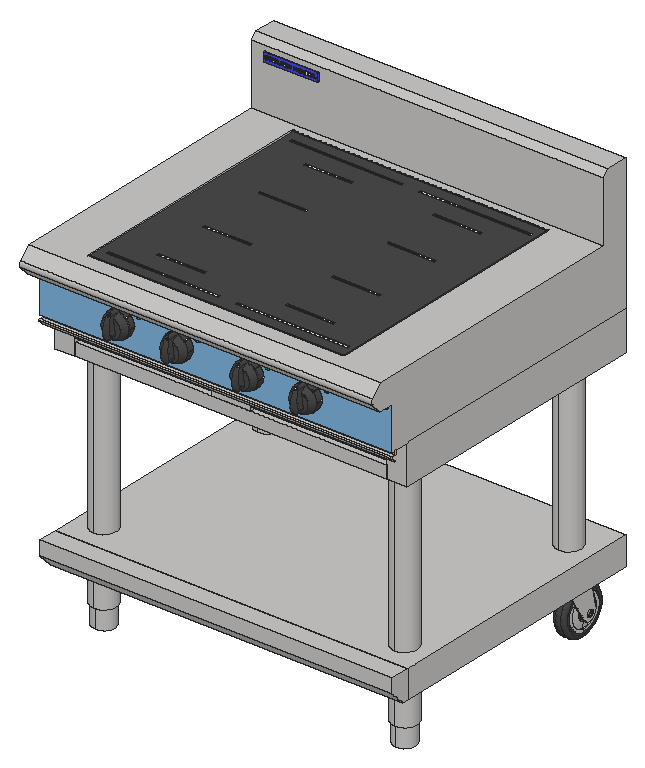
Revit family "QF_Moffat_IN514F-LS_Induction_Cooktop_cat", category Specialty Equipment, Revit 2019
Family settings
  Round Connector Dimension = Use Diameter
  Part Type = Normal
  Work Plane-Based = No
  Always vertical = Yes
  Cut with Voids When Loaded = No
  Shared = No
  Room Calculation Point = No
Parameters (values of type "IN514F-LS")
  Weight in Kilograms = 105
  Watts = 11620 W
  Volts = 415 V
  URL Cutsheet = ""
  Specification by User = ""
  Specification by Manufacturer = ""
  Show Logo [instance] = yes
  Show Legs [instance] = not(Show Castors)  # no
  Show Castors [instance] = yes
  Serial Number = ""
  Seismic Rating = ""
  SMACNA No = ""
  Revision Code = ""
  Phase = 3
  Number of Poles = 1
  NAFEM Spec ID Number = ""
  Model = "IN514F-LS"
  Min Ckt Ampacity = 0 A
  Max Overcurrent Protection = 0 A
  Masterspec = ""
  Manufacturer = "Moffat"
  Length = 900 mm
  Item Number = ""
  Installed By = ""
  Identify Quantity as Lot = yes
  Height = 1085 mm
  HP = ""
  Furnished By = ""
  Foodservice Equipment Identifier = yes
  FL Amps = 28 A
  Electrical Remarks = ""
  Electric Connection Type = ""
  Elec Conn RI Height = 0 mm
  Elec Conn Connection Height = 0 mm
  Description = "Induction Cooktop"
  Depth = 812.2 mm
  Cycle = 60 Hz
  Conn Plug = ""
  Conn Conduit = yes
  CSI MasterFormat = ""
  Apparent Power = if(Phase = 3, Volts * FL Amps * 1.73, Volts * FL Amps)  # 20102.6 VA
Reference planes
  plane 1 "BACK": y = 0
  plane 2: z = 0
  plane 3 "LEFT": x = 0
  plane 4 "RIGHT": x = 900
  plane 5 "FRONT": y = -812.2
  plane 6 "TOP": z = 1085
  plane 7 "Center Y": x = 450
  plane 8 "Center X": y = -406.1
  plane 9: x = 65.5
  plane 10: x = 834.5
  plane 11: y = -30
  plane 12: x = 770
  plane 13: z = 635
  plane 14: y = -100
  plane 15: y = -625
  plane 16: z = 150
Forms (mm)
  Extrusion 1, solid, material "QF_Metal_Stainless_Polished"
    sketch origin (0, 0, 560) x (0, 1, 0) y (0, 0, 1)
      loop
        line (0, 180) -> (0, 525) -> (-57, 525) -> (-70, 512) -> (-70, 354.5) -> (-784.171, 354.5) -> (-808.685, 329.985)
        arc (-808.685, 329.985) -> (-812.2, 321.5) -> (-808.685, 313.015) r 12
        line (-808.685, 313.015) -> (-785.171, 289.5) -> (-749, 289.5) -> (-749, 180) -> (0, 180)
    from 0 to 900
  Extrusion 2, void
    sketch origin (0, -784.171, 914.5) x (0, 1, 0) y (-1, 0, 0)
      loop
        arc (696.671, -124.5) -> (694.913, -120.257) -> (690.671, -118.5) r 6
        line (690.671, -118.5) -> (44.671, -118.5)
        arc (44.671, -118.5) -> (40.428, -120.257) -> (38.671, -124.5) r 6
        line (38.671, -124.5) -> (38.671, -770.5)
        arc (38.671, -770.5) -> (40.428, -774.743) -> (44.671, -776.5) r 6
        line (44.671, -776.5) -> (690.671, -776.5)
        arc (690.671, -776.5) -> (694.913, -774.743) -> (696.671, -770.5) r 6
        line (696.671, -770.5) -> (696.671, -124.5)
    from 0 to -9.5
  Extrusion 3, solid, material "QF_Plastic_White_Smooth"
    sketch origin (0, -784.171, 905) x (0, 1, 0) y (-1, 0, 0)
      loop
        line (657.271, -427.5) -> (663.271, -427.5) -> (663.271, -142.5) -> (657.271, -142.5) -> (657.271, -427.5)
      loop
        line (599.671, -345) -> (605.671, -345) -> (605.671, -225) -> (599.671, -225) -> (599.671, -345)
      loop
        line (453.171, -345) -> (459.171, -345) -> (459.171, -225) -> (453.171, -225) -> (453.171, -345)
      loop
        line (276.171, -345) -> (282.171, -345) -> (282.171, -225) -> (276.171, -225) -> (276.171, -345)
      loop
        line (129.671, -345) -> (135.671, -345) -> (135.671, -225) -> (129.671, -225) -> (129.671, -345)
      loop
        line (72.071, -427.5) -> (78.071, -427.5) -> (78.071, -142.5) -> (72.071, -142.5) -> (72.071, -427.5)
      loop
        line (72.071, -757.5) -> (78.071, -757.5) -> (78.071, -472.5) -> (72.071, -472.5) -> (72.071, -757.5)
      loop
        line (129.671, -675) -> (135.671, -675) -> (135.671, -555) -> (129.671, -555) -> (129.671, -675)
      loop
        line (276.171, -675) -> (282.171, -675) -> (282.171, -555) -> (276.171, -555) -> (276.171, -675)
      loop
        line (453.171, -675) -> (459.171, -675) -> (459.171, -555) -> (453.171, -555) -> (453.171, -675)
      loop
        line (599.671, -675) -> (605.671, -675) -> (605.671, -555) -> (599.671, -555) -> (599.671, -675)
      loop
        line (663.271, -472.5) -> (657.271, -472.5) -> (657.271, -757.5) -> (663.271, -757.5) -> (663.271, -472.5)
    from 0 to 9.5
  Extrusion 4, solid, material "QF_Plastic_Black_Smooth"
    sketch origin (0, -784.171, 914.5) x (0, 1, 0) y (-1, 0, 0)
      loop
        line (692.671, -770.5) -> (692.671, -124.5)
        arc (692.671, -124.5) -> (692.085, -123.086) -> (690.671, -122.5) r 2
        line (690.671, -122.5) -> (44.671, -122.5)
        arc (44.671, -122.5) -> (43.256, -123.086) -> (42.671, -124.5) r 2
        line (42.671, -124.5) -> (42.671, -770.5)
        arc (42.671, -770.5) -> (43.256, -771.914) -> (44.671, -772.5) r 2
        line (44.671, -772.5) -> (690.671, -772.5)
        arc (690.671, -772.5) -> (692.085, -771.914) -> (692.671, -770.5) r 2
      loop
        line (663.271, -427.5) -> (663.271, -142.5) -> (657.271, -142.5) -> (657.271, -427.5) -> (663.271, -427.5)
      loop
        line (599.671, -225) -> (599.671, -345) -> (605.671, -345) -> (605.671, -225) -> (599.671, -225)
      loop
        line (453.171, -225) -> (453.171, -345) -> (459.171, -345) -> (459.171, -225) -> (453.171, -225)
      loop
        line (657.271, -472.5) -> (657.271, -757.5) -> (663.271, -757.5) -> (663.271, -472.5) -> (657.271, -472.5)
      loop
        line (599.671, -675) -> (605.671, -675) -> (605.671, -555) -> (599.671, -555) -> (599.671, -675)
      loop
        line (459.171, -555) -> (453.171, -555) -> (453.171, -675) -> (459.171, -675) -> (459.171, -555)
      loop
        line (276.171, -675) -> (282.171, -675) -> (282.171, -555) -> (276.171, -555) -> (276.171, -675)
      loop
        line (276.171, -225) -> (276.171, -345) -> (282.171, -345) -> (282.171, -225) -> (276.171, -225)
      loop
        line (135.671, -345) -> (135.671, -225) -> (129.671, -225) -> (129.671, -345) -> (135.671, -345)
      loop
        line (135.671, -555) -> (129.671, -555) -> (129.671, -675) -> (135.671, -675) -> (135.671, -555)
      loop
        line (78.071, -142.5) -> (72.071, -142.5) -> (72.071, -427.5) -> (78.071, -427.5) -> (78.071, -142.5)
      loop
        line (72.071, -472.5) -> (72.071, -757.5) -> (78.071, -757.5) -> (78.071, -472.5) -> (72.071, -472.5)
    from 0 to -9.5
  Extrusion 5, solid, material "QF_Metal_Stainless_Polished"
    sketch origin (0, 0, 600) x (0, 1, 0) y (0, 0, 1)
      loop
        line (-737.8, 140) -> (-737.8, 130) -> (-747.305, 130)
        arc (-747.305, 130) -> (-750.276, 128.015) -> (-749.579, 124.511) r 3.215
        line (-749.579, 124.511) -> (-739.05, 113.982) -> (-737.919, 115.113) -> (-748.447, 125.642)
        arc (-748.447, 125.642) -> (-748.797, 127.403) -> (-747.305, 128.4) r 1.615
        line (-747.305, 128.4) -> (-736.2, 128.4) -> (-736.2, 140) -> (-737.8, 140)
    from 0 to 900
  Extrusion 6, solid, material "QF_Plastic_Black_Smooth"
    sketch origin (0, -749, 741.875) x (0, 0, 1) y (-1, 0, 0)
      loop
        circle (99.343, -13.157) r 5
      loop
        circle (99.343, -886.843) r 5
      loop
        circle (99.343, -210) r 5
      loop
        circle (99.343, -360) r 5
      loop
        circle (99.343, -540) r 5
      loop
        circle (99.343, -690) r 5
    from 0 to 1.6
  Extrusion 7, solid, material "QF_Metal_Stainless_Polished"
    sketch origin (0, -699, 640) x (0, 1, 0) y (1, 0, 0)
      loop
        circle (669, 770) r 6.35
    from 0 to 1.6
  Extrusion 8, solid, material "QF_Metal_Stainless_Polished"
    sketch origin (0, -699, 645) x (1, 0, 0) y (0, -1, 0)
      loop
        line (0, -699) -> (900, -699) -> (900, 0) -> (849.2, 0) -> (849.2, -25.4) -> (50.8, -25.4) -> (50.8, 0) -> (0, 0) -> (0, -699)
    from 5 to -95
  Revolve 9, solid, material "QF_Metal_Stainless_Polished"
    sketch origin (65.5, -4572, 255.2) x (0, 0, -1) y (0, -1, 0)
      loop
        line (32.7, -4503.75) -> (32.7, -4472) -> (-384.8, -4472) -> (-384.8, -4503.75) -> (32.7, -4503.75)
      axis (-384.8, -4472) -> (32.7, -4472)
    angle from 0 to 360
  Revolve 10, solid, material "QF_Metal_Stainless_Polished"
    sketch origin (65.5, -4572, 255.2) x (0, 0, -1) y (0, -1, 0)
      loop
        line (255.2, -3974.5) -> (255.2, -3947) -> (-384.8, -3947) -> (-384.8, -3978.75) -> (205.2, -3978.75) -> (205.2, -3974.5) -> (255.2, -3974.5)
      axis (-384.8, -3947) -> (255.2, -3947)
    angle from 0 to 360
  Revolve 11, solid, material "QF_Metal_Stainless_Polished"
    sketch origin (834.5, -4572, 255.2) x (0, 0, -1) y (0, 1, 0)
      loop
        line (32.7, 4503.75) -> (-384.8, 4503.75) -> (-384.8, 4472) -> (32.7, 4472) -> (32.7, 4503.75)
      axis (-384.8, 4472) -> (32.7, 4472)
    angle from 0 to 360
  Revolve 12, solid, material "QF_Metal_Stainless_Polished"
    sketch origin (834.5, -4572, 255.2) x (0, 0, -1) y (0, 1, 0)
      loop
        line (255.2, 3974.5) -> (205.2, 3974.5) -> (205.2, 3978.75) -> (-384.8, 3978.75) -> (-384.8, 3947) -> (255.2, 3947) -> (255.2, 3974.5)
      axis (-384.8, 3947) -> (255.2, 3947)
    angle from 0 to 360
  Extrusion 13, solid, material "QF_Metal_Stainless_Polished"
    sketch origin (0, 0, 0) x (0, 1, 0) y (0, 0, 1)
      loop
        line (-747.95, 186) -> (-711.95, 150) -> (-697.95, 150) -> (-697.95, 222.5) -> (-747.95, 222.5) -> (-747.95, 186)
    from 0 to 900
  Extrusion 14, solid, material "QF_Metal_Stainless_Polished"
    sketch origin (0, 0, 0) x (0, 1, 0) y (0, 0, 1)
      loop
        line (-697.95, 222.5) -> (-697.95, 150) -> (0, 150) -> (0, 222.5) -> (-697.95, 222.5)
    from 0 to 900
  Revolve 15, solid, material "QF_Metal_Stainless_Polished", visible <- "Show Legs"
    sketch origin (65.5, -4047, 255.2) x (0, 0, -1) y (0, -1, 0)
      loop
        line (255.2, -3974.5) -> (255.2, -3947) -> (105.2, -3947) -> (105.2, -3978.75) -> (205.2, -3978.75) -> (205.2, -3974.5) -> (255.2, -3974.5)
      axis (105.2, -3947) -> (255.2, -3947)
    angle from 0 to 360
  Revolve 16, solid, material "QF_Metal_Stainless_Polished", visible <- "Show Legs"
    sketch origin (834.5, -4047, 255.2) x (0, 0, -1) y (0, -1, 0)
      loop
        line (255.2, -3974.5) -> (255.2, -3947) -> (105.2, -3947) -> (105.2, -3978.75) -> (205.2, -3978.75) -> (205.2, -3974.5) -> (255.2, -3974.5)
      axis (105.2, -3947) -> (255.2, -3947)
    angle from 0 to 360
  Extrusion 17, solid, material "QF_Paint_Green"
    sketch origin (-27.5, -749, 742.2) x (0, 0, 1) y (-1, 0, 0)
      loop
        circle (84.8, -282.5) r 7.15
    from 0 to 1.6
  Extrusion 18, solid, material "QF_Metal_Stainless_Polished"
    sketch origin (849.2, -673.6, 645) x (-1, 0, 0) y (0, 0, -1)
      loop
        line (0, 5) -> (0, -27.7) -> (798.4, -27.7) -> (798.4, 5) -> (0, 5)
      loop
        line (450, -37.7) -> (450, -61.4) -> (798.4, -61.4) -> (798.4, -37.7) -> (450, -37.7)
      loop
        line (0, -62.4) -> (0, -95) -> (798.4, -95) -> (798.4, -62.4) -> (0, -62.4)
      loop
        line (348.4, -37.7) -> (0, -37.7) -> (0, -61.4) -> (348.4, -61.4) -> (348.4, -37.7)
    from 0 to 25.4
  Extrusion 19, solid, material "QF_Metal_Stainless_Polished"
    sketch origin (849.2, -673.6, 645) x (1, 0, 0) y (0, 0, -1)
      loop
        line (-348.4, -62.4) -> (-348.4, -27.7) -> (-450, -27.7) -> (-450, -62.4) -> (-348.4, -62.4)
    from 0 to -25.4
  Extrusion 20, solid, material "QF_Paint_Green"
    sketch origin (122.5, -749, 742.2) x (0, 0, 1) y (-1, 0, 0)
      loop
        circle (84.8, -282.5) r 7.15
    from 0 to 1.6
  Extrusion 21, solid, material "QF_Paint_Green"
    sketch origin (302.5, -749, 742.2) x (0, 0, 1) y (-1, 0, 0)
      loop
        circle (84.8, -282.5) r 7.15
    from 0 to 1.6
  Extrusion 22, solid, material "QF_Paint_Green"
    sketch origin (452.5, -749, 742.2) x (0, 0, 1) y (-1, 0, 0)
      loop
        circle (84.8, -282.5) r 7.15
    from 0 to 1.6
Cuts and joins
  Extrusion 2 cuts Extrusion 1
  joined: Revolve 10, Revolve 12, Extrusion 14
Lines and regions (mm)
  symbolic lines
    curve 1: line (0, 0, 0) -> (900, 0, 0)
    curve 2: line (0, -812.2, 0) -> (0, 0, 0)
    curve 3: line (900, -812.2, 0) -> (0, -812.2, 0)
    curve 4: line (900, 0, 0) -> (900, -812.2, 0)
    curve 5: line (0, -57, 0) -> (900, -57, 0)
    curve 6: line (0, -70, 0) -> (900, -70, 0)
    curve 7: line (124.5, -87.5, 0) -> (770.5, -87.5, 0)
    curve 8: arc (770.5, -87.5, 0) -> (774.743, -89.257, 0) -> (776.5, -93.5, 0) r 6
    curve 9: line (776.5, -93.5, 0) -> (776.5, -739.5, 0)
    curve 10: arc (776.5, -739.5, 0) -> (774.743, -743.743, 0) -> (770.5, -745.5, 0) r 6
    curve 11: line (770.5, -745.5, 0) -> (124.5, -745.5, 0)
    curve 12: arc (124.5, -745.5, 0) -> (120.257, -743.743, 0) -> (118.5, -739.5, 0) r 6
    curve 13: line (118.5, -739.5, 0) -> (118.5, -93.5, 0)
    curve 14: arc (118.5, -93.5, 0) -> (120.257, -89.257, 0) -> (124.5, -87.5, 0) r 6
    curve 15: line (770.5, -91.5, 0) -> (124.5, -91.5, 0)
    curve 16: arc (124.5, -91.5, 0) -> (123.086, -92.086, 0) -> (122.5, -93.5, 0) r 2
    curve 17: line (122.5, -93.5, 0) -> (122.5, -739.5, 0)
    curve 18: arc (122.5, -739.5, 0) -> (123.086, -740.914, 0) -> (124.5, -741.5, 0) r 2
    curve 19: line (124.5, -741.5, 0) -> (770.5, -741.5, 0)
    curve 20: arc (770.5, -741.5, 0) -> (771.914, -740.914, 0) -> (772.5, -739.5, 0) r 2
    curve 21: line (772.5, -739.5, 0) -> (772.5, -93.5, 0)
    curve 22: arc (772.5, -93.5, 0) -> (771.914, -92.086, 0) -> (770.5, -91.5, 0) r 2
    curve 23: line (142.5, -120.9, 0) -> (427.5, -120.9, 0)
    curve 24: line (427.5, -120.9, 0) -> (427.5, -126.9, 0)
    curve 25: line (427.5, -126.9, 0) -> (142.5, -126.9, 0)
    curve 26: line (142.5, -126.9, 0) -> (142.5, -120.9, 0)
    curve 27: line (225, -178.5, 0) -> (345, -178.5, 0)
    curve 28: line (345, -178.5, 0) -> (345, -184.5, 0)
    curve 29: line (345, -184.5, 0) -> (225, -184.5, 0)
    curve 30: line (225, -184.5, 0) -> (225, -178.5, 0)
    curve 31: line (345, -331, 0) -> (225, -331, 0)
    curve 32: line (225, -331, 0) -> (225, -325, 0)
    curve 33: line (225, -325, 0) -> (345, -325, 0)
    curve 34: line (345, -325, 0) -> (345, -331, 0)
    curve 35: line (675, -184.5, 0) -> (555, -184.5, 0)
    curve 36: line (555, -184.5, 0) -> (555, -178.5, 0)
    curve 37: line (555, -178.5, 0) -> (675, -178.5, 0)
    curve 38: line (675, -178.5, 0) -> (675, -184.5, 0)
    curve 39: line (757.5, -126.9, 0) -> (472.5, -126.9, 0)
    curve 40: line (472.5, -126.9, 0) -> (472.5, -120.9, 0)
    curve 41: line (472.5, -120.9, 0) -> (757.5, -120.9, 0)
    curve 42: line (757.5, -120.9, 0) -> (757.5, -126.9, 0)
    curve 43: line (675, -331, 0) -> (555, -331, 0)
    curve 44: line (555, -331, 0) -> (555, -325, 0)
    curve 45: line (555, -325, 0) -> (675, -325, 0)
    curve 46: line (675, -325, 0) -> (675, -331, 0)
    curve 47: line (555, -502, 0) -> (675, -502, 0)
    curve 48: line (675, -502, 0) -> (675, -508, 0)
    curve 49: line (675, -508, 0) -> (555, -508, 0)
    curve 50: line (555, -508, 0) -> (555, -502, 0)
    curve 51: line (345, -508, 0) -> (225, -508, 0)
    curve 52: line (225, -508, 0) -> (225, -502, 0)
    curve 53: line (225, -502, 0) -> (345, -502, 0)
    curve 54: line (345, -502, 0) -> (345, -508, 0)
    curve 55: line (345, -654.5, 0) -> (225, -654.5, 0)
    curve 56: line (225, -654.5, 0) -> (225, -648.5, 0)
    curve 57: line (225, -648.5, 0) -> (345, -648.5, 0)
    curve 58: line (345, -648.5, 0) -> (345, -654.5, 0)
    curve 59: line (142.5, -706.1, 0) -> (427.5, -706.1, 0)
    curve 60: line (427.5, -706.1, 0) -> (427.5, -712.1, 0)
    curve 61: line (427.5, -712.1, 0) -> (142.5, -712.1, 0)
    curve 62: line (142.5, -712.1, 0) -> (142.5, -706.1, 0)
    curve 63: line (472.5, -706.1, 0) -> (757.5, -706.1, 0)
    curve 64: line (757.5, -706.1, 0) -> (757.5, -712.1, 0)
    curve 65: line (757.5, -712.1, 0) -> (472.5, -712.1, 0)
    curve 66: line (472.5, -712.1, 0) -> (472.5, -706.1, 0)
    curve 67: line (675, -654.5, 0) -> (555, -654.5, 0)
    curve 68: line (555, -654.5, 0) -> (555, -648.5, 0)
    curve 69: line (555, -648.5, 0) -> (675, -648.5, 0)
    curve 70: line (675, -648.5, 0) -> (675, -654.5, 0)
    curve 71: line (0, -784.171, 0) -> (900, -784.171, 0)
Dimensions and locks
  equal spacing: plane 3 "LEFT", plane 7 "Center Y", plane 4 "RIGHT"
  "Length": plane 3 "LEFT" to plane 4 "RIGHT"
  equal spacing: plane 5 "FRONT", plane 8 "Center X", plane 1 "BACK"
  "Depth": plane 5 "FRONT" to plane 1 "BACK"
  "Height": plane 6 "TOP" to level
  plane 9 to plane 10 = 769 mm
  plane 4 "RIGHT" to plane 3 "LEFT" = 900 mm
  plane 1 "BACK" to cut or joined group of Extrusion 1, Extrusion 2 = 70 mm
  plane 1 "BACK" to plane 5 "FRONT" = 812.2 mm
  plane 6 "TOP" to plane 2 = 1085 mm
  cut or joined group of Extrusion 1, Extrusion 2 to plane 2 = 914.5 mm
  locked: plane 12 to plane 4 "RIGHT" at 130
  plane 1 "BACK" to plane 11 = 30 mm
  plane 1 "BACK" to plane 14 to plane 15 = 100 mm, 525 mm
  plane 2 to plane 13 = 635 mm
  plane 16 to plane 2 = 150 mm
  aligned and locked: level to plane 2
Automatic sketch dimensions
  Extrusion 1 sketch curve to plane 6 "TOP" = 0 mm
  Extrusion 1 sketch curve to plane 1 "BACK" = 0 mm
  plane 11 to Extrusion 1 sketch curve = 27 mm
  Extrusion 1 sketch curve to plane 6 "TOP" = 13 mm
  Extrusion 1 sketch curve to Extrusion 1 sketch curve = 13 mm
  Extrusion 1 sketch curve to plane 5 "FRONT" = 63.2 mm
  Extrusion 1 sketch curve to plane 5 "FRONT" = 28.029 mm
  Extrusion 1 sketch curve to plane 5 "FRONT" = 27.029 mm
  Extrusion 1 sketch curve to plane 5 "FRONT" = 12 mm
  Extrusion 1 sketch curve to plane 5 "FRONT" = 3.515 mm  (x2)
  Extrusion 1 sketch curve to plane 6 "TOP" = 170.5 mm
  Extrusion 1 sketch curve to Extrusion 1 sketch curve = 24.515 mm
  Extrusion 1 sketch curve to Extrusion 1 sketch curve = 8.485 mm
  Extrusion 1 sketch curve to Extrusion 1 sketch curve = 32 mm
  Extrusion 1 sketch curve to plane 13 = 105 mm
  Extrusion 5 sketch curve to Extrusion 5 sketch curve = 0 mm  (x2)
  Extrusion 5 sketch curve to plane 5 "FRONT" = 62.621 mm
  Extrusion 5 sketch curve to Extrusion 5 sketch curve = 1.131 mm  (x3)
  Extrusion 5 sketch curve to Extrusion 5 sketch curve = 1.142 mm  (x2)
  Extrusion 5 sketch curve to Extrusion 5 sketch curve = 10.529 mm
  Extrusion 5 sketch curve to Extrusion 5 sketch curve = 9.505 mm
  Extrusion 5 sketch curve to Extrusion 5 sketch curve = 1.6 mm
  Extrusion 5 sketch curve to plane 13 = 78.982 mm
  Extrusion 5 sketch curve to Extrusion 5 sketch curve = 10 mm
  Extrusion 8 to Extrusion 7 sketch curve = 30 mm
  Extrusion 7 sketch curve to Extrusion 8 = 79.2 mm
  plane 1 "BACK" to Extrusion 8 sketch curve = 0 mm
  Extrusion 8 sketch curve to plane 3 "LEFT" = 0 mm
  Extrusion 8 sketch curve to plane 4 "RIGHT" = 0 mm
  plane 9 to Extrusion 8 sketch curve = 14.7 mm
  Extrusion 8 sketch curve to plane 10 = 14.7 mm
  plane 15 to Extrusion 8 sketch curve = 48.6 mm
  Extrusion 8 sketch curve to Extrusion 8 sketch curve = 25.4 mm  (x2)
  Revolve 9 sketch curve to plane 14 = 0 mm  (x2)
  Revolve 9 sketch curve to plane 13 = 5 mm
  Revolve 9 sketch curve to plane 14 = 31.75 mm
  plane 16 to Revolve 9 sketch curve = 72.5 mm
  Revolve 9 sketch curve to Revolve 9 sketch curve = 0 mm
  plane 16 to Revolve 9 sketch curve = 25 mm
  Revolve 10 sketch curve to plane 15 = 0 mm  (x2)
  Revolve 10 sketch curve to level = 0 mm  (x2)
  level to Revolve 10 sketch curve = 50 mm
  Revolve 10 sketch curve to plane 13 = 5 mm
  Revolve 10 sketch curve to Revolve 10 sketch curve = 27.5 mm
  Revolve 10 sketch curve to Revolve 10 sketch curve = 31.75 mm
  Revolve 10 sketch curve to Revolve 10 sketch curve = 25 mm
  Revolve 11 sketch curve to plane 14 = 0 mm  (x2)
  Revolve 11 sketch curve to plane 13 = 5 mm
  Revolve 11 sketch curve to plane 14 = 31.75 mm
  plane 16 to Revolve 11 sketch curve = 72.5 mm
  Revolve 11 sketch curve to Revolve 11 sketch curve = 0 mm
  Revolve 11 sketch curve to Revolve 11 sketch curve = 25 mm
  Revolve 12 sketch curve to plane 15 = 0 mm  (x2)
  Revolve 12 sketch curve to level = 0 mm  (x2)
  level to Revolve 12 sketch curve = 50 mm
  Revolve 12 sketch curve to plane 13 = 5 mm
  Revolve 12 sketch curve to plane 15 = 27.5 mm
  Revolve 12 sketch curve to Revolve 12 sketch curve = 4.25 mm
  Revolve 12 sketch curve to Revolve 12 sketch curve = 25 mm
  Extrusion 13 sketch curve to plane 16 = 0 mm
  Extrusion 13 sketch curve to plane 5 "FRONT" = 64.25 mm
  Extrusion 13 sketch curve to Extrusion 13 sketch curve = 36 mm
  Extrusion 13 sketch curve to Extrusion 13 sketch curve = 14 mm
  plane 16 to Extrusion 13 sketch curve = 36 mm
  Extrusion 13 sketch curve to Extrusion 13 sketch curve = 36.5 mm
  Extrusion 14 sketch curve to plane 16 = 0 mm
  Extrusion 14 sketch curve to plane 1 "BACK" = 0 mm
  plane 15 to Extrusion 14 sketch curve = 72.95 mm
  Extrusion 14 sketch curve to Extrusion 14 sketch curve = 72.5 mm
  Revolve 15 sketch curve to plane 14 = 0 mm  (x2)
  Revolve 15 sketch curve to plane 16 = 0 mm
  Revolve 15 sketch curve to level = 0 mm  (x2)
  level to Revolve 15 sketch curve = 50 mm
  Revolve 15 sketch curve to Revolve 15 sketch curve = 27.5 mm
  Revolve 15 sketch curve to plane 14 = 31.75 mm
  Revolve 15 sketch curve to Revolve 15 sketch curve = 25 mm
  Revolve 16 sketch curve to plane 14 = 0 mm  (x2)
  Revolve 16 sketch curve to plane 16 = 0 mm
  Revolve 16 sketch curve to level = 0 mm  (x2)
  level to Revolve 16 sketch curve = 50 mm
  Revolve 16 sketch curve to Revolve 16 sketch curve = 27.5 mm
  Revolve 16 sketch curve to plane 14 = 31.75 mm
  Revolve 16 sketch curve to Revolve 16 sketch curve = 25 mm
  Extrusion 1 to Extrusion 17 sketch curve = 22.5 mm
  Extrusion 1 to Extrusion 17 sketch curve = 255 mm
  Extrusion 18 sketch curve to Extrusion 8 = 0 mm  (x8)
  Extrusion 8 to Extrusion 18 sketch curve = 42.7 mm
  Extrusion 18 sketch curve to Extrusion 8 = 348.4 mm
  Extrusion 8 to Extrusion 18 sketch curve = 33.6 mm
  Extrusion 18 sketch curve to Extrusion 18 sketch curve = 101.6 mm
  Extrusion 18 sketch curve to Extrusion 18 sketch curve = 1 mm  (x2)
  Extrusion 18 sketch curve to Extrusion 18 sketch curve = 23.7 mm
  Extrusion 18 sketch curve to Extrusion 18 sketch curve = 10 mm
  Extrusion 18 to Extrusion 19 sketch curve = 0 mm
  Extrusion 19 sketch curve to Extrusion 18 = 0 mm  (x3)
  Extrusion 1 to Extrusion 20 sketch curve = 22.5 mm
  Extrusion 1 to Extrusion 20 sketch curve = 405 mm
  Extrusion 1 to Extrusion 21 sketch curve = 22.5 mm
  Extrusion 1 to Extrusion 21 sketch curve = 315 mm
  Extrusion 1 to Extrusion 22 sketch curve = 22.5 mm
  Extrusion 1 to Extrusion 22 sketch curve = 165 mm
  Extrusion 4 sketch curve to Extrusion 1 = 42.671 mm
  Extrusion 4 sketch curve to Extrusion 4 sketch curve = 2 mm  (x3)
  Extrusion 1 to Extrusion 4 sketch curve = 23.5 mm  (x2)
  Extrusion 1 to Extrusion 4 sketch curve = 127.5 mm
  Extrusion 1 to Extrusion 4 sketch curve = 124.5 mm
  Extrusion 4 sketch curve to Extrusion 4 sketch curve = 33.4 mm
  Extrusion 4 sketch curve to Extrusion 4 sketch curve = 6 mm  (x12)
  Extrusion 4 sketch curve to Extrusion 4 sketch curve = 303 mm
  Extrusion 4 sketch curve to Extrusion 4 sketch curve = 18 mm  (x2)
  Extrusion 4 sketch curve to Extrusion 4 sketch curve = 57.6 mm  (x2)
  Extrusion 4 sketch curve to Extrusion 4 sketch curve = 82.5 mm  (x5)
  Extrusion 4 sketch curve to Extrusion 4 sketch curve = 146.5 mm  (x2)
  Extrusion 4 sketch curve to Extrusion 4 sketch curve = 0 mm  (x6)
  Extrusion 4 sketch curve to Extrusion 4 sketch curve = 120 mm  (x6)
  Extrusion 4 sketch curve to Extrusion 4 sketch curve = 13 mm  (x2)
  Extrusion 4 sketch curve to Extrusion 4 sketch curve = 45 mm  (x2)
  Extrusion 4 sketch curve to Extrusion 4 sketch curve = 177 mm  (x2)
  Extrusion 4 sketch curve to Extrusion 1 = 129.671 mm
  Extrusion 4 sketch curve to Extrusion 4 sketch curve = 85 mm
  Extrusion 4 sketch curve to Extrusion 4 sketch curve = 95.5 mm
  Extrusion 4 sketch curve to Extrusion 1 = 72.071 mm
  Extrusion 4 sketch curve to Extrusion 4 sketch curve = 27.4 mm
  Extrusion 3 sketch curve to Extrusion 3 sketch curve = 6 mm  (x12)
  Extrusion 3 sketch curve to Extrusion 3 sketch curve = 82.5 mm  (x7)
  Extrusion 3 sketch curve to Extrusion 3 sketch curve = 140.5 mm  (x3)
  Extrusion 3 sketch curve to Extrusion 3 sketch curve = 0 mm  (x6)
  Extrusion 3 sketch curve to Extrusion 3 sketch curve = 120 mm  (x7)
  Extrusion 3 sketch curve to Extrusion 3 sketch curve = 171 mm  (x2)
  Extrusion 3 sketch curve to Extrusion 3 sketch curve = 45 mm  (x2)
  Extrusion 2 sketch curve to Extrusion 1 = 38.671 mm
  Extrusion 2 sketch curve to Extrusion 2 sketch curve = 6 mm  (x3)
  Extrusion 1 to Extrusion 2 sketch curve = 23.5 mm  (x2)
  Extrusion 1 to Extrusion 2 sketch curve = 123.5 mm
  Extrusion 1 to Extrusion 2 sketch curve = 124.5 mm
  Extrusion 3 sketch curve to Extrusion 2 = 33.4 mm  (x2)
  Extrusion 3 sketch curve to Extrusion 2 = 91 mm  (x2)
  Extrusion 3 sketch curve to Extrusion 2 = 97 mm
  Extrusion 3 sketch curve to Extrusion 2 = 39.4 mm  (x2)
  Extrusion 3 sketch curve to Extrusion 2 = 19 mm
  Extrusion 3 sketch curve to Extrusion 2 = 106.5 mm
  curve 3 to plane 3 "LEFT" = 0 mm
  curve 3 to plane 4 "RIGHT" = 0 mm
  plane 5 "FRONT" to curve 3 = 0 mm
  plane 1 "BACK" to curve 2 = 0 mm
  plane 11 to curve 5 = 27 mm
  curve 6 to curve 5 = 13 mm
  curve 13 to plane 9 = 53 mm
  curve 13 to curve 14 = 6 mm
  curve 12 to curve 12 = 6 mm
  curve 7 to plane 12 = 0.5 mm
  curve 10 to plane 12 = 0.5 mm
  curve 10 to curve 9 = 6 mm
  curve 11 to plane 5 "FRONT" = 66.7 mm
  curve 9 to plane 14 = 6.5 mm
  curve 8 to curve 22 = 0 mm  (x2)
  curve 10 to curve 20 = 0 mm  (x2)
  curve 12 to curve 18 = 0 mm  (x2)
  curve 14 to curve 16 = 0 mm
  curve 17 to curve 14 = 2 mm
  curve 14 to curve 25 = 18 mm
  curve 25 to plane 7 "Center Y" = 22.5 mm
  plane 14 to curve 24 = 26.9 mm
  curve 25 to curve 23 = 6 mm
  curve 25 to curve 29 = 82.5 mm
  curve 28 to curve 24 = 82.5 mm
  plane 14 to curve 30 = 84.5 mm
  curve 28 to curve 28 = 6 mm
  curve 33 to curve 29 = 0 mm
  curve 31 to plane 7 "Center Y" = 105 mm
  plane 8 "Center X" to curve 31 = 75.1 mm
  curve 31 to curve 33 = 6 mm
  plane 7 "Center Y" to curve 37 = 105 mm
  plane 12 to curve 38 = 95 mm
  plane 14 to curve 38 = 84.5 mm
  curve 35 to curve 38 = 6 mm
  plane 7 "Center Y" to curve 39 = 22.5 mm
  plane 12 to curve 39 = 12.5 mm
  plane 14 to curve 39 = 26.9 mm
  curve 39 to curve 42 = 6 mm
  plane 7 "Center Y" to curve 43 = 105 mm
  plane 12 to curve 46 = 95 mm
  plane 8 "Center X" to curve 44 = 75.1 mm
  curve 43 to curve 45 = 6 mm
  plane 7 "Center Y" to curve 47 = 105 mm
  plane 12 to curve 49 = 95 mm
  curve 50 to plane 8 "Center X" = 101.9 mm
  curve 49 to curve 50 = 6 mm
  curve 53 to plane 9 = 159.5 mm
  curve 54 to plane 7 "Center Y" = 105 mm
  curve 51 to plane 8 "Center X" = 101.9 mm
  curve 51 to curve 53 = 6 mm
  plane 15 to curve 56 = 29.5 mm
  curve 12 to curve 56 = 100.5 mm
  plane 15 to curve 58 = 23.5 mm
  curve 58 to plane 7 "Center Y" = 105 mm
  curve 12 to curve 59 = 18 mm
  curve 60 to plane 7 "Center Y" = 22.5 mm
  curve 12 to curve 61 = 27.4 mm
  curve 60 to curve 60 = 6 mm
  plane 7 "Center Y" to curve 65 = 22.5 mm
  plane 12 to curve 64 = 12.5 mm
  curve 60 to curve 65 = 0 mm
  curve 64 to curve 64 = 6 mm
  plane 15 to curve 68 = 23.5 mm
  curve 63 to curve 68 = 82.5 mm
  plane 12 to curve 70 = 95 mm
  curve 67 to curve 68 = 6 mm
  curve 2 to curve 71 = 28.029 mm
  Extrusion 1 to Extrusion 6 sketch curve = 8.282 mm  (x6)
  Extrusion 1 to Extrusion 6 sketch curve = 13.157 mm  (x2)
  Extrusion 6 sketch curve to Extrusion 6 sketch curve = 196.843 mm
  Extrusion 6 sketch curve to Extrusion 6 sketch curve = 150 mm  (x2)
  Extrusion 6 sketch curve to Extrusion 6 sketch curve = 180 mm
  radius of Extrusion 7 sketch curve = 6.35 mm
  radius of Extrusion 17 sketch curve = 7.15 mm
  radius of Extrusion 20 sketch curve = 7.15 mm
  radius of Extrusion 21 sketch curve = 7.15 mm
  radius of Extrusion 22 sketch curve = 7.15 mm
  radius of Extrusion 6 sketch curve = 5 mm  (x6)
Nested families
  nested 1: "QF_LOGO_BLue Seal" at (32, -70, 1034.385), visible <- "Show Logo", type "QF_LOGO_BLue Seal"
  nested 2: "6 INCHES 02_CASTER" at (65.5, -100, 0), Show Casters <- "Show Castors", type "6 INCHES 02_CASTER"
    with Type Mark "", Specification by User "", Show Casters yes, Revision Code "", Item Number "", Installed By "", Identify Quantity as Lot yes, Furnished By "", Foodservice Equipment Identifier yes
  nested 3: "6 INCHES 02_CASTER" at (834.5, -100, 0), Show Casters <- "Show Castors", type "6 INCHES 02_CASTER"
    with Type Mark "", Specification by User "", Show Casters yes, Revision Code "", Item Number "", Installed By "", Identify Quantity as Lot yes, Furnished By "", Foodservice Equipment Identifier yes
  nested 4: "Knob" at (177.5, -739.5, 764.5), type "Knob"
  nested 5: "Knob" at (327.5, -739.5, 764.5), type "Knob"
  nested 6: "Knob" at (507.5, -739.5, 764.5), type "Knob"
  nested 7: "Knob" at (657.5, -739.5, 764.5), type "Knob"
Connectors
  electrical at (770, -30, 638.4), driven by "Volts", driven by "Watts"
    settings: on Extrusion 7, index 1, voltage 415 V, apparent load 11620 VA, apparent load phase1 0 VA, apparent load phase2 0 VA, apparent load phase3 0 VA, power factor 1, load classification "Other", number of poles 1, system type 30, power factor state 1, is connector primary yes, connector utility no, sub classification motor no, connector description "Electrical Connection"
Definition of nested family "QF_LOGO_BLue Seal"
  Parameters (values of type "QF_LOGO_BLue Seal")
    Weight in Pounds = 0
    URL Cutsheet = ""
    Specification by User = ""
    Specification by Manufacturer = ""
    Serial Number = ""
    Seismic Rating = ""
    SMACNA No = ""
    Revision Code = ""
    NAFEM Spec ID Number = ""
    Masterspec = ""
    Length = 138 mm
    Item Number = ""
    Installed By = ""
    Identify Quantity as Lot = yes
    Height = 23 mm
    Furnished By = ""
    Foodservice Equipment Identifier = yes
    Depth = 3.175 mm
    CSI MasterFormat = ""
  Reference planes
    plane 1 "BACK": y = 0
    plane 2: z = 0
    plane 3 "LEFT": x = 0
    plane 4 "RIGHT": x = 138
    plane 5 "FRONT": y = -3.175
    plane 6 "TOP": z = 23
    plane 7 "Center Y": x = 69
    plane 8 "Center X": y = -1.587
  Forms (mm)
    Extrusion 1, solid
      sketch origin (0, 0, 0) x (1, 0, 0) y (0, 0, 1)
        loop
          arc (2, 23) -> (0.586, 22.414) -> (0, 21) r 2
          line (0, 21) -> (0, 2)
          arc (0, 2) -> (0.586, 0.586) -> (2, 0) r 2
          line (2, 0) -> (136, 0)
          arc (136, 0) -> (137.414, 0.586) -> (138, 2) r 2
          line (138, 2) -> (138, 21)
          arc (138, 21) -> (137.414, 22.414) -> (136, 23) r 2
          line (136, 23) -> (2, 23)
        loop
          arc (16.625, 15.317) -> (15.943, 15.034) -> (15.66, 14.352) r 0.965
          line (15.66, 14.352) -> (15.66, 8.169)
          arc (15.66, 8.169) -> (15.953, 7.461) -> (16.66, 7.169) r 1
          line (16.66, 7.169) -> (27.958, 7.169)
          arc (27.958, 7.169) -> (29.995, 9.206) -> (27.958, 11.243) r 2.037
          arc (27.958, 11.243) -> (29.995, 13.28) -> (27.958, 15.317) r 2.037
          line (27.958, 15.317) -> (16.625, 15.317)
        loop
          line (21.163, 13.835) -> (21.163, 12.291) -> (23.596, 12.291)
          arc (23.596, 12.291) -> (24.368, 13.063) -> (23.596, 13.835) r 0.772
          line (23.596, 13.835) -> (21.163, 13.835)
        loop
          line (21.163, 8.544) -> (23.596, 8.544)
          arc (23.596, 8.544) -> (24.368, 9.316) -> (23.596, 10.089) r 0.772
          line (23.596, 10.089) -> (21.163, 10.089) -> (21.163, 8.544)
        loop
          arc (32.475, 15.317) -> (31.768, 15.024) -> (31.475, 14.317) r 1
          line (31.475, 14.317) -> (31.475, 8.169)
          arc (31.475, 8.169) -> (31.768, 7.461) -> (32.475, 7.169) r 1
          line (32.475, 7.169) -> (41.849, 7.169)
          arc (41.849, 7.169) -> (42.859, 8.178) -> (41.849, 9.188) r 1.01
          line (41.849, 9.188) -> (37.262, 9.188) -> (37.262, 14.317)
          arc (37.262, 14.317) -> (36.969, 15.024) -> (36.262, 15.317) r 1
          line (36.262, 15.317) -> (32.475, 15.317)
        loop
          arc (44.648, 15.317) -> (43.941, 15.024) -> (43.648, 14.317) r 1
          line (43.648, 14.317) -> (43.648, 9.124)
          arc (43.648, 9.124) -> (44.221, 7.741) -> (45.604, 7.169) r 1.956
          line (45.604, 7.169) -> (55.306, 7.169)
          arc (55.306, 7.169) -> (56.749, 7.766) -> (57.347, 9.209) r 2.04
          line (57.347, 9.209) -> (57.347, 14.358)
          arc (57.347, 14.358) -> (57.066, 15.036) -> (56.388, 15.317) r 0.959
          line (56.388, 15.317) -> (52.676, 15.317)
          arc (52.676, 15.317) -> (51.968, 15.024) -> (51.676, 14.317) r 1
          line (51.676, 14.317) -> (51.676, 10.17)
          arc (51.676, 10.17) -> (50.529, 9.024) -> (49.383, 10.17) r 1.146
          line (49.383, 10.17) -> (49.383, 14.317)
          arc (49.383, 14.317) -> (49.09, 15.024) -> (48.383, 15.317) r 1
          line (48.383, 15.317) -> (44.648, 15.317)
        loop
          arc (60.035, 15.317) -> (59.328, 15.024) -> (59.035, 14.317) r 1
          line (59.035, 14.317) -> (59.035, 8.169)
          arc (59.035, 8.169) -> (59.328, 7.461) -> (60.035, 7.169) r 1
          line (60.035, 7.169) -> (69.845, 7.169)
          arc (69.845, 7.169) -> (70.828, 8.152) -> (69.845, 9.135) r 0.983
          line (69.845, 9.135) -> (65.06, 9.135) -> (65.06, 10.415) -> (69.988, 10.415)
          arc (69.988, 10.415) -> (70.828, 11.255) -> (69.988, 12.095) r 0.84
          line (69.988, 12.095) -> (65.06, 12.095) -> (65.06, 13.215) -> (69.777, 13.215)
          arc (69.777, 13.215) -> (70.828, 14.266) -> (69.777, 15.317) r 1.051
          line (69.777, 15.317) -> (60.035, 15.317)
        loop
          line (77.315, 14.317) -> (77.315, 11.634)
          arc (77.315, 11.634) -> (77.608, 10.927) -> (78.315, 10.634) r 1
          line (78.315, 10.634) -> (85.957, 10.634) -> (85.957, 8.756) -> (82.871, 8.756) -> (82.871, 9.708) -> (77.315, 9.708) -> (77.315, 8.169)
          arc (77.315, 8.169) -> (77.608, 7.461) -> (78.315, 7.169) r 1
          line (78.315, 7.169) -> (90.614, 7.169)
          arc (90.614, 7.169) -> (91.321, 7.461) -> (91.614, 8.169) r 1
          line (91.614, 8.169) -> (91.614, 11.073)
          arc (91.614, 11.073) -> (91.322, 11.778) -> (90.617, 12.07) r 0.996
          line (90.617, 12.07) -> (82.871, 12.07) -> (82.871, 13.786) -> (85.957, 13.786) -> (85.957, 12.856) -> (91.614, 12.856) -> (91.614, 14.317)
          arc (91.614, 14.317) -> (91.321, 15.024) -> (90.614, 15.317) r 1
          line (90.614, 15.317) -> (78.315, 15.317)
          arc (78.315, 15.317) -> (77.608, 15.024) -> (77.315, 14.317) r 1
        loop
          arc (107.404, 15.317) -> (106.697, 15.024) -> (106.404, 14.317) r 1
          line (106.404, 14.317) -> (106.404, 8.169)
          arc (106.404, 8.169) -> (106.697, 7.461) -> (107.404, 7.169) r 1
          line (107.404, 7.169) -> (111.34, 7.169)
          arc (111.34, 7.169) -> (112.047, 7.461) -> (112.34, 8.169) r 1
          line (112.34, 8.169) -> (112.34, 9.135) -> (115.1, 9.135) -> (115.1, 8.169)
          arc (115.1, 8.169) -> (115.393, 7.461) -> (116.1, 7.169) r 1
          line (116.1, 7.169) -> (119.975, 7.169)
          arc (119.975, 7.169) -> (120.682, 7.461) -> (120.975, 8.169) r 1
          line (120.975, 8.169) -> (120.975, 14.317)
          arc (120.975, 14.317) -> (120.682, 15.024) -> (119.975, 15.317) r 1
          line (119.975, 15.317) -> (107.404, 15.317)
        loop
          arc (94.016, 15.317) -> (93.309, 15.024) -> (93.016, 14.317) r 1
          line (93.016, 14.317) -> (93.016, 8.169)
          arc (93.016, 8.169) -> (93.309, 7.461) -> (94.016, 7.169) r 1
          line (94.016, 7.169) -> (103.826, 7.169)
          arc (103.826, 7.169) -> (104.809, 8.152) -> (103.826, 9.135) r 0.983
          line (103.826, 9.135) -> (99.041, 9.135) -> (99.041, 10.415) -> (103.969, 10.415)
          arc (103.969, 10.415) -> (104.809, 11.255) -> (103.969, 12.095) r 0.84
          line (103.969, 12.095) -> (99.041, 12.095) -> (99.041, 13.215) -> (103.759, 13.215)
          arc (103.759, 13.215) -> (104.809, 14.266) -> (103.759, 15.317) r 1.051
          line (103.759, 15.317) -> (94.016, 15.317)
        loop
          line (112.34, 11.583) -> (115.1, 11.583) -> (115.1, 12.915)
          arc (115.1, 12.915) -> (114.954, 13.268) -> (114.6, 13.415) r 0.5
          line (114.6, 13.415) -> (112.84, 13.415)
          arc (112.84, 13.415) -> (112.487, 13.268) -> (112.34, 12.915) r 0.5
          line (112.34, 12.915) -> (112.34, 11.583)
        loop
          arc (123.692, 15.317) -> (122.985, 15.024) -> (122.692, 14.317) r 1
          line (122.692, 14.317) -> (122.692, 8.169)
          arc (122.692, 8.169) -> (122.985, 7.461) -> (123.692, 7.169) r 1
          line (123.692, 7.169) -> (133.067, 7.169)
          arc (133.067, 7.169) -> (134.076, 8.178) -> (133.067, 9.188) r 1.01
          line (133.067, 9.188) -> (128.479, 9.188) -> (128.479, 14.317)
          arc (128.479, 14.317) -> (128.186, 15.024) -> (127.479, 15.317) r 1
          line (127.479, 15.317) -> (123.692, 15.317)
        loop
          circle (8.135, 11.2) r 4.581
      from 0 to 3.2
    Extrusion 2, solid
      sketch origin (0, 0, 0) x (1, 0, 0) y (0, 0, 1)
        loop
          circle (8.135, 11.2) r 4.581
        loop
          line (8.289, 15.169) -> (8.289, 7.231)
          arc (8.289, 7.231) -> (12.08, 11.2) -> (8.289, 15.169) r 3.973
        loop
          arc (16.625, 15.317) -> (15.943, 15.034) -> (15.66, 14.352) r 0.965
          line (15.66, 14.352) -> (15.66, 8.169)
          arc (15.66, 8.169) -> (15.953, 7.461) -> (16.66, 7.169) r 1
          line (16.66, 7.169) -> (27.958, 7.169)
          arc (27.958, 7.169) -> (29.995, 9.206) -> (27.958, 11.243) r 2.037
          arc (27.958, 11.243) -> (29.995, 13.28) -> (27.958, 15.317) r 2.037
          line (27.958, 15.317) -> (16.625, 15.317)
        loop
          line (21.163, 12.291) -> (23.596, 12.291)
          arc (23.596, 12.291) -> (24.368, 13.063) -> (23.596, 13.835) r 0.772
          line (23.596, 13.835) -> (21.163, 13.835) -> (21.163, 12.291)
        loop
          line (23.596, 10.089) -> (21.163, 10.089) -> (21.163, 8.544) -> (23.596, 8.544)
          arc (23.596, 8.544) -> (24.368, 9.316) -> (23.596, 10.089) r 0.772
        loop
          arc (37.262, 14.317) -> (36.969, 15.024) -> (36.262, 15.317) r 1
          line (36.262, 15.317) -> (32.475, 15.317)
          arc (32.475, 15.317) -> (31.768, 15.024) -> (31.475, 14.317) r 1
          line (31.475, 14.317) -> (31.475, 8.169)
          arc (31.475, 8.169) -> (31.768, 7.461) -> (32.475, 7.169) r 1
          line (32.475, 7.169) -> (41.849, 7.169)
          arc (41.849, 7.169) -> (42.859, 8.178) -> (41.849, 9.188) r 1.01
          line (41.849, 9.188) -> (37.262, 9.188) -> (37.262, 14.317)
        loop
          arc (43.648, 9.124) -> (44.221, 7.741) -> (45.604, 7.169) r 1.956
          line (45.604, 7.169) -> (55.306, 7.169)
          arc (55.306, 7.169) -> (56.749, 7.766) -> (57.347, 9.209) r 2.04
          line (57.347, 9.209) -> (57.347, 14.358)
          arc (57.347, 14.358) -> (57.066, 15.036) -> (56.388, 15.317) r 0.959
          line (56.388, 15.317) -> (52.676, 15.317)
          arc (52.676, 15.317) -> (51.968, 15.024) -> (51.676, 14.317) r 1
          line (51.676, 14.317) -> (51.676, 10.17)
          arc (51.676, 10.17) -> (50.529, 9.024) -> (49.383, 10.17) r 1.146
          line (49.383, 10.17) -> (49.383, 14.317)
          arc (49.383, 14.317) -> (49.09, 15.024) -> (48.383, 15.317) r 1
          line (48.383, 15.317) -> (44.648, 15.317)
          arc (44.648, 15.317) -> (43.941, 15.024) -> (43.648, 14.317) r 1
          line (43.648, 14.317) -> (43.648, 9.124)
        loop
          arc (69.777, 13.215) -> (70.828, 14.266) -> (69.777, 15.317) r 1.051
          line (69.777, 15.317) -> (60.035, 15.317)
          arc (60.035, 15.317) -> (59.328, 15.024) -> (59.035, 14.317) r 1
          line (59.035, 14.317) -> (59.035, 8.169)
          arc (59.035, 8.169) -> (59.328, 7.461) -> (60.035, 7.169) r 1
          line (60.035, 7.169) -> (69.845, 7.169)
          arc (69.845, 7.169) -> (70.828, 8.152) -> (69.845, 9.135) r 0.983
          line (69.845, 9.135) -> (65.06, 9.135) -> (65.06, 10.415) -> (69.988, 10.415)
          arc (69.988, 10.415) -> (70.828, 11.255) -> (69.988, 12.095) r 0.84
          line (69.988, 12.095) -> (65.06, 12.095) -> (65.06, 13.215) -> (69.777, 13.215)
        loop
          line (82.871, 13.786) -> (85.957, 13.786) -> (85.957, 12.856) -> (91.614, 12.856) -> (91.614, 14.317)
          arc (91.614, 14.317) -> (91.321, 15.024) -> (90.614, 15.317) r 1
          line (90.614, 15.317) -> (78.315, 15.317)
          arc (78.315, 15.317) -> (77.608, 15.024) -> (77.315, 14.317) r 1
          line (77.315, 14.317) -> (77.315, 11.634)
          arc (77.315, 11.634) -> (77.608, 10.927) -> (78.315, 10.634) r 1
          line (78.315, 10.634) -> (85.957, 10.634) -> (85.957, 8.756) -> (82.871, 8.756) -> (82.871, 9.708) -> (77.315, 9.708) -> (77.315, 8.169)
          arc (77.315, 8.169) -> (77.608, 7.461) -> (78.315, 7.169) r 1
          line (78.315, 7.169) -> (90.614, 7.169)
          arc (90.614, 7.169) -> (91.321, 7.461) -> (91.614, 8.169) r 1
          line (91.614, 8.169) -> (91.614, 11.073)
          arc (91.614, 11.073) -> (91.322, 11.778) -> (90.617, 12.07) r 0.996
          line (90.617, 12.07) -> (82.871, 12.07) -> (82.871, 13.786)
        loop
          arc (103.759, 13.215) -> (104.809, 14.266) -> (103.759, 15.317) r 1.051
          line (103.759, 15.317) -> (94.016, 15.317)
          arc (94.016, 15.317) -> (93.309, 15.024) -> (93.016, 14.317) r 1
          line (93.016, 14.317) -> (93.016, 8.169)
          arc (93.016, 8.169) -> (93.309, 7.461) -> (94.016, 7.169) r 1
          line (94.016, 7.169) -> (103.826, 7.169)
          arc (103.826, 7.169) -> (104.809, 8.152) -> (103.826, 9.135) r 0.983
          line (103.826, 9.135) -> (99.041, 9.135) -> (99.041, 10.415) -> (103.969, 10.415)
          arc (103.969, 10.415) -> (104.809, 11.255) -> (103.969, 12.095) r 0.84
          line (103.969, 12.095) -> (99.041, 12.095) -> (99.041, 13.215) -> (103.759, 13.215)
        loop
          line (112.34, 12.915) -> (112.34, 11.583) -> (115.1, 11.583) -> (115.1, 12.915)
          arc (115.1, 12.915) -> (114.954, 13.268) -> (114.6, 13.415) r 0.5
          line (114.6, 13.415) -> (112.84, 13.415)
          arc (112.84, 13.415) -> (112.487, 13.268) -> (112.34, 12.915) r 0.5
        loop
          arc (119.975, 7.169) -> (120.682, 7.461) -> (120.975, 8.169) r 1
          line (120.975, 8.169) -> (120.975, 14.317)
          arc (120.975, 14.317) -> (120.682, 15.024) -> (119.975, 15.317) r 1
          line (119.975, 15.317) -> (107.404, 15.317)
          arc (107.404, 15.317) -> (106.697, 15.024) -> (106.404, 14.317) r 1
          line (106.404, 14.317) -> (106.404, 8.169)
          arc (106.404, 8.169) -> (106.697, 7.461) -> (107.404, 7.169) r 1
          line (107.404, 7.169) -> (111.34, 7.169)
          arc (111.34, 7.169) -> (112.047, 7.461) -> (112.34, 8.169) r 1
          line (112.34, 8.169) -> (112.34, 9.135) -> (115.1, 9.135) -> (115.1, 8.169)
          arc (115.1, 8.169) -> (115.393, 7.461) -> (116.1, 7.169) r 1
          line (116.1, 7.169) -> (119.975, 7.169)
        loop
          arc (122.692, 8.169) -> (122.985, 7.461) -> (123.692, 7.169) r 1
          line (123.692, 7.169) -> (133.067, 7.169)
          arc (133.067, 7.169) -> (134.076, 8.178) -> (133.067, 9.188) r 1.01
          line (133.067, 9.188) -> (128.479, 9.188) -> (128.479, 14.317)
          arc (128.479, 14.317) -> (128.186, 15.024) -> (127.479, 15.317) r 1
          line (127.479, 15.317) -> (123.692, 15.317)
          arc (123.692, 15.317) -> (122.985, 15.024) -> (122.692, 14.317) r 1
          line (122.692, 14.317) -> (122.692, 8.169)
        loop
          line (8.019, 7.227) -> (8.019, 15.172)
          arc (8.019, 15.172) -> (4.133, 11.2) -> (8.019, 7.227) r 3.973
      from 0 to 3.2
    Extrusion 3, solid
      sketch origin (0, 0, 0) x (1, 0, 0) y (0, 0, 1)
        loop
          line (8.289, 15.169) -> (8.289, 7.231)
          arc (8.289, 7.231) -> (12.08, 11.2) -> (8.289, 15.169) r 3.973
      from 0 to 3.2
    Extrusion 4, solid
      sketch origin (16.271, 0, 0) x (-1, 0, 0) y (0, 0, -1)
        loop
          arc (8.252, -15.172) -> (12.138, -11.2) -> (8.252, -7.227) r 3.973
          line (8.252, -7.227) -> (8.252, -15.172)
      from 0 to 3.2
  Dimensions and locks
    equal spacing: plane 3 "LEFT", plane 7 "Center Y", plane 4 "RIGHT"
    "Length": plane 3 "LEFT" to plane 4 "RIGHT"
    equal spacing: plane 5 "FRONT", plane 8 "Center X", plane 1 "BACK"
    "Depth": plane 5 "FRONT" to plane 1 "BACK"
    "Height": plane 6 "TOP" to level
    plane 4 "RIGHT" to plane 3 "LEFT" = 138 mm
    aligned and locked: level to plane 2
  Automatic sketch dimensions
    Extrusion 1 sketch curve to Extrusion 1 sketch curve = 0 mm  (x12)
    Extrusion 1 sketch curve to plane 3 "LEFT" = 0 mm
    Extrusion 1 sketch curve to level = 0 mm
    Extrusion 1 sketch curve to plane 6 "TOP" = 0 mm
    plane 4 "RIGHT" to Extrusion 1 sketch curve = 0 mm
    plane 3 "LEFT" to Extrusion 1 sketch curve = 2 mm
    Extrusion 1 sketch curve to Extrusion 1 sketch curve = 2 mm
    plane 3 "LEFT" to Extrusion 1 sketch curve = 8.135 mm
    Extrusion 1 sketch curve to Extrusion 1 sketch curve = 7.524 mm
    Extrusion 1 sketch curve to Extrusion 1 sketch curve = 0.965 mm
    Extrusion 1 sketch curve to Extrusion 1 sketch curve = 1 mm  (x22)
    Extrusion 1 sketch curve to Extrusion 1 sketch curve = 4.503 mm
    Extrusion 1 sketch curve to Extrusion 1 sketch curve = 2.434 mm  (x2)
    Extrusion 1 sketch curve to Extrusion 1 sketch curve = 4.362 mm
    Extrusion 1 sketch curve to Extrusion 1 sketch curve = 3.517 mm
    Extrusion 1 sketch curve to Extrusion 1 sketch curve = 3.787 mm  (x2)
    Extrusion 1 sketch curve to Extrusion 1 sketch curve = 4.787 mm
    Extrusion 1 sketch curve to Extrusion 1 sketch curve = 4.588 mm
    Extrusion 1 sketch curve to Extrusion 1 sketch curve = 1.798 mm
    Extrusion 1 sketch curve to Extrusion 1 sketch curve = 1.956 mm  (x2)
    Extrusion 1 sketch curve to Extrusion 1 sketch curve = 3.735 mm
    Extrusion 1 sketch curve to Extrusion 1 sketch curve = 3.779 mm
    Extrusion 1 sketch curve to Extrusion 1 sketch curve = 1.146 mm
    Extrusion 1 sketch curve to Extrusion 1 sketch curve = 3.631 mm
    Extrusion 1 sketch curve to Extrusion 1 sketch curve = 3.713 mm
    Extrusion 1 sketch curve to Extrusion 1 sketch curve = 0.959 mm
    Extrusion 1 sketch curve to Extrusion 1 sketch curve = 1.688 mm
    Extrusion 1 sketch curve to plane 7 "Center Y" = 3.94 mm
    plane 7 "Center Y" to Extrusion 1 sketch curve = 0.777 mm
    plane 7 "Center Y" to Extrusion 1 sketch curve = 0.845 mm
    plane 7 "Center Y" to Extrusion 1 sketch curve = 0.988 mm
    Extrusion 1 sketch curve to Extrusion 1 sketch curve = 7.327 mm
    Extrusion 1 sketch curve to Extrusion 1 sketch curve = 4.556 mm
    Extrusion 1 sketch curve to Extrusion 1 sketch curve = 3.087 mm
    Extrusion 1 sketch curve to Extrusion 1 sketch curve = 4.657 mm  (x2)
    Extrusion 1 sketch curve to Extrusion 1 sketch curve = 0.004 mm
    Extrusion 1 sketch curve to Extrusion 1 sketch curve = 0.996 mm  (x2)
    Extrusion 1 sketch curve to Extrusion 1 sketch curve = 1.402 mm
    Extrusion 1 sketch curve to Extrusion 1 sketch curve = 5.025 mm
    Extrusion 1 sketch curve to Extrusion 1 sketch curve = 4.717 mm
    Extrusion 1 sketch curve to Extrusion 1 sketch curve = 4.785 mm
    Extrusion 1 sketch curve to Extrusion 1 sketch curve = 0.211 mm
    Extrusion 1 sketch curve to Extrusion 1 sketch curve = 2.645 mm
    Extrusion 1 sketch curve to Extrusion 1 sketch curve = 3.936 mm
    Extrusion 1 sketch curve to Extrusion 1 sketch curve = 0.5 mm  (x2)
    Extrusion 1 sketch curve to Extrusion 1 sketch curve = 1.76 mm
    Extrusion 1 sketch curve to Extrusion 1 sketch curve = 2.76 mm
    Extrusion 1 sketch curve to Extrusion 1 sketch curve = 4.875 mm
    Extrusion 1 sketch curve to Extrusion 1 sketch curve = 3.875 mm
    Extrusion 1 sketch curve to Extrusion 1 sketch curve = 1.717 mm
    plane 4 "RIGHT" to Extrusion 1 sketch curve = 4.933 mm
    plane 4 "RIGHT" to Extrusion 1 sketch curve = 2 mm  (x2)
    level to Extrusion 1 sketch curve = 7.169 mm  (x5)
    Extrusion 1 sketch curve to Extrusion 1 sketch curve = 5.169 mm
    Extrusion 1 sketch curve to Extrusion 1 sketch curve = 0.983 mm  (x2)
    Extrusion 1 sketch curve to Extrusion 1 sketch curve = 1.01 mm  (x2)
    Extrusion 1 sketch curve to Extrusion 1 sketch curve = 0.376 mm
    Extrusion 1 sketch curve to Extrusion 1 sketch curve = 0.588 mm
    Extrusion 1 sketch curve to Extrusion 1 sketch curve = 0.966 mm
    Extrusion 1 sketch curve to Extrusion 1 sketch curve = 2.037 mm  (x2)
    Extrusion 1 sketch curve to Extrusion 1 sketch curve = 0.772 mm  (x2)
    Extrusion 1 sketch curve to Extrusion 1 sketch curve = 0.952 mm
    Extrusion 1 sketch curve to Extrusion 1 sketch curve = 1.046 mm
    Extrusion 1 sketch curve to Extrusion 1 sketch curve = 1.28 mm  (x2)
    Extrusion 1 sketch curve to Extrusion 1 sketch curve = 1.878 mm
    Extrusion 1 sketch curve to Extrusion 1 sketch curve = 2.905 mm
    Extrusion 1 sketch curve to Extrusion 1 sketch curve = 3.031 mm
    Extrusion 1 sketch curve to Extrusion 1 sketch curve = 0.84 mm  (x2)
    Extrusion 1 sketch curve to Extrusion 1 sketch curve = 2.448 mm
    Extrusion 1 sketch curve to Extrusion 1 sketch curve = 2.202 mm
    Extrusion 1 sketch curve to Extrusion 1 sketch curve = 0.786 mm
    Extrusion 1 sketch curve to Extrusion 1 sketch curve = 1.332 mm
    Extrusion 1 sketch curve to Extrusion 1 sketch curve = 1.12 mm  (x2)
    Extrusion 1 sketch curve to Extrusion 1 sketch curve = 1.716 mm
    Extrusion 1 sketch curve to Extrusion 1 sketch curve = 1.051 mm  (x2)
    Extrusion 1 sketch curve to Extrusion 1 sketch curve = 4.147 mm
    Extrusion 1 sketch curve to Extrusion 1 sketch curve = 5.129 mm
    Extrusion 1 sketch curve to Extrusion 1 sketch curve = 0.051 mm
    Extrusion 1 sketch curve to Extrusion 1 sketch curve = 1.037 mm
    Extrusion 1 sketch curve to Extrusion 1 sketch curve = 0.516 mm
    plane 3 "LEFT" to Extrusion 1 sketch curve = 3.555 mm
    Extrusion 2 sketch curve to Extrusion 2 sketch curve = 0 mm  (x16)
    plane 3 "LEFT" to Extrusion 2 sketch curve = 8.019 mm
    Extrusion 2 sketch curve to Extrusion 2 sketch curve = 0.088 mm
    Extrusion 2 sketch curve to Extrusion 2 sketch curve = 0.029 mm
    Extrusion 2 sketch curve to Extrusion 2 sketch curve = 0.27 mm
    Extrusion 2 sketch curve to Extrusion 2 sketch curve = 7.371 mm
    Extrusion 2 sketch curve to Extrusion 2 sketch curve = 0.965 mm
    Extrusion 2 sketch curve to Extrusion 2 sketch curve = 1 mm  (x24)
    Extrusion 2 sketch curve to Extrusion 2 sketch curve = 4.503 mm
    Extrusion 2 sketch curve to Extrusion 2 sketch curve = 2.434 mm
    Extrusion 2 sketch curve to Extrusion 2 sketch curve = 4.362 mm
    Extrusion 2 sketch curve to Extrusion 2 sketch curve = 3.517 mm
    Extrusion 2 sketch curve to Extrusion 2 sketch curve = 3.787 mm  (x2)
    Extrusion 2 sketch curve to Extrusion 2 sketch curve = 4.787 mm  (x2)
    Extrusion 2 sketch curve to Extrusion 2 sketch curve = 4.588 mm  (x2)
    Extrusion 2 sketch curve to Extrusion 2 sketch curve = 1.798 mm
    Extrusion 2 sketch curve to Extrusion 2 sketch curve = 1.956 mm
    Extrusion 2 sketch curve to Extrusion 2 sketch curve = 3.735 mm
    Extrusion 2 sketch curve to Extrusion 2 sketch curve = 1.146 mm
    Extrusion 2 sketch curve to Extrusion 2 sketch curve = 3.631 mm
    Extrusion 2 sketch curve to Extrusion 2 sketch curve = 3.713 mm
    Extrusion 2 sketch curve to Extrusion 2 sketch curve = 0.959 mm
    Extrusion 2 sketch curve to Extrusion 2 sketch curve = 1.688 mm
    Extrusion 2 sketch curve to plane 7 "Center Y" = 3.94 mm
    plane 7 "Center Y" to Extrusion 2 sketch curve = 0.777 mm
    plane 7 "Center Y" to Extrusion 2 sketch curve = 0.845 mm
    plane 7 "Center Y" to Extrusion 2 sketch curve = 0.988 mm
    Extrusion 2 sketch curve to Extrusion 2 sketch curve = 7.327 mm
    Extrusion 2 sketch curve to Extrusion 2 sketch curve = 4.556 mm
    Extrusion 2 sketch curve to Extrusion 2 sketch curve = 3.087 mm
    Extrusion 2 sketch curve to Extrusion 2 sketch curve = 4.657 mm  (x2)
    Extrusion 2 sketch curve to Extrusion 2 sketch curve = 0.004 mm
    Extrusion 2 sketch curve to Extrusion 2 sketch curve = 0.996 mm
    Extrusion 2 sketch curve to Extrusion 2 sketch curve = 1.402 mm
    Extrusion 2 sketch curve to Extrusion 2 sketch curve = 5.025 mm
    Extrusion 2 sketch curve to Extrusion 2 sketch curve = 4.717 mm
    Extrusion 2 sketch curve to Extrusion 2 sketch curve = 4.785 mm
    Extrusion 2 sketch curve to Extrusion 2 sketch curve = 0.211 mm
    Extrusion 2 sketch curve to Extrusion 2 sketch curve = 2.578 mm
    Extrusion 2 sketch curve to Extrusion 2 sketch curve = 3.936 mm
    Extrusion 2 sketch curve to Extrusion 2 sketch curve = 0.5 mm  (x2)
    Extrusion 2 sketch curve to Extrusion 2 sketch curve = 1.76 mm
    Extrusion 2 sketch curve to Extrusion 2 sketch curve = 2.76 mm
    Extrusion 2 sketch curve to Extrusion 2 sketch curve = 3.875 mm
    Extrusion 2 sketch curve to Extrusion 2 sketch curve = 4.875 mm
    Extrusion 2 sketch curve to Extrusion 2 sketch curve = 1.717 mm
    level to Extrusion 2 sketch curve = 7.169 mm  (x6)
    level to Extrusion 2 sketch curve = 7.227 mm
    Extrusion 2 sketch curve to Extrusion 2 sketch curve = 0.003 mm
    Extrusion 2 sketch curve to Extrusion 2 sketch curve = 0.983 mm  (x2)
    Extrusion 2 sketch curve to Extrusion 2 sketch curve = 1.01 mm  (x2)
    Extrusion 2 sketch curve to Extrusion 2 sketch curve = 1.376 mm
    Extrusion 2 sketch curve to Extrusion 2 sketch curve = 0.588 mm
    Extrusion 2 sketch curve to Extrusion 2 sketch curve = 0.966 mm
    Extrusion 2 sketch curve to Extrusion 2 sketch curve = 2.037 mm  (x2)
    Extrusion 2 sketch curve to Extrusion 2 sketch curve = 0.772 mm  (x2)
    Extrusion 2 sketch curve to Extrusion 2 sketch curve = 1.539 mm
    Extrusion 2 sketch curve to Extrusion 2 sketch curve = 0.961 mm
    Extrusion 2 sketch curve to Extrusion 2 sketch curve = 1.28 mm  (x2)
    Extrusion 2 sketch curve to Extrusion 2 sketch curve = 1.878 mm
    Extrusion 2 sketch curve to Extrusion 2 sketch curve = 2.905 mm
    Extrusion 2 sketch curve to Extrusion 2 sketch curve = 3.969 mm
